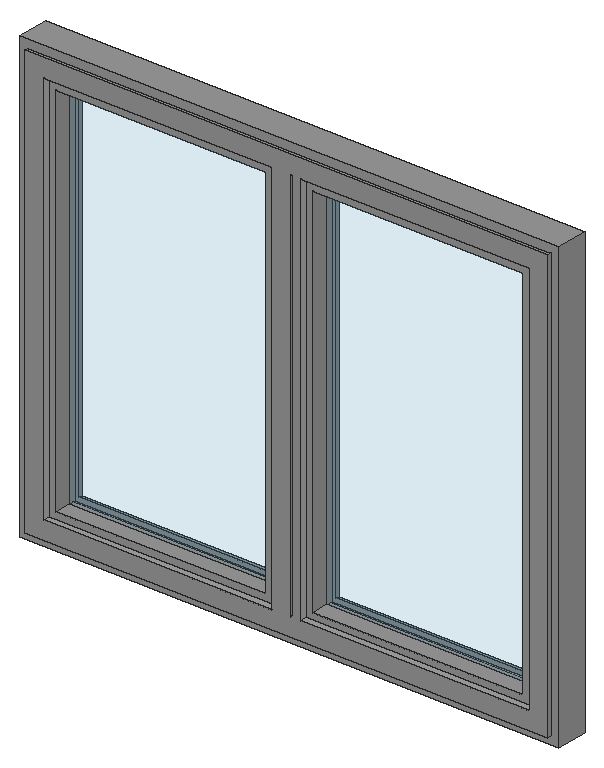
Revit family "Kawneer_Window_GT70s_Pos005", category Windows, host Wall, Revit 2020 (continued)
Definition of nested family "Kawneer_GT70s_Pos005"
  Definition of nested family "Kawneer_GT70s_Jamb"
    Lines and regions (mm)
      model lines, in view "Ref. Level", visible <- "Open", detail levels fine
        curve 1024: line (-29.189, -54.424, 0) -> (-23.945, -49.18, 0)
        curve 1025: line (-23.945, -49.18, 0) -> (-22.946, -48.182, 0)
        curve 1026: line (-22.946, -48.182, 0) -> (-21.544, -46.779, 0)
        curve 1027: line (-21.481, -48.837, 0) -> (-20.223, -47.579, 0)
        curve 1028: line (-25.987, -55.465, 0) -> (-23.8, -53.278, 0)
        curve 1029: line (-22.888, -52.366, 0) -> (-22.22, -51.697, 0)
        curve 1030: line (-20.354, -49.832, 0) -> (-19.564, -49.041, 0)
        curve 1031: line (-24.386, -55.985, 0) -> (-23.8, -55.399, 0)
        curve 1032: line (-17.757, 2.259, 0) -> (-19.499, 4.001, 0)
        curve 1033: line (-18.166, 0.546, 0) -> (-18.736, 1.117, 0)
        curve 1034: line (-20.62, 3.001, 0) -> (-20.955, 3.335, 0)
        curve 1035: line (-20.955, 3.335, 0) -> (-21.52, 3.901, 0)
        curve 1036: line (-21.52, 3.901, 0) -> (-22.336, 3.001, 0)
        curve 1037: line (-22.438, 4.818, 0) -> (-23.526, 5.906, 0)
        curve 1038: line (-19.736, -0.005, 0) -> (-20.595, 0.855, 0)
        curve 1039: line (-20.595, 0.855, 0) -> (-20.883, 1.142, 0)
        curve 1040: line (-19.282, 1.662, 0) -> (-20.427, 2.788, 0)
        curve 1041: line (-20.427, 2.788, 0) -> (-21.514, 1.773, 0)
        curve 1042: line (-21.514, 1.773, 0) -> (-22.35, 2.61, 0)
        curve 1043: line (-21.857, -0.005, 0) -> (-23.75, 1.888, 0)
        curve 1044: line (-21.857, 5.601, 0) -> (-21.048, 6.41, 0)
        curve 1045: line (-23.984, 1.353, 0) -> (-23.452, 1.885, 0)
        curve 1046: line (-23.268, 2.069, 0) -> (-22.655, 2.682, 0)
        curve 1047: line (-23.031, 0.184, 0) -> (-22.396, 0.82, 0)
        curve 1048: line (-20.215, 3.001, 0) -> (-19.215, 4.001, 0)
        curve 1049: line (-21.099, -0.005, 0) -> (-20.229, 0.865, 0)
        curve 1050: line (-20.229, 0.865, 0) -> (-19.226, 1.868, 0)
        curve 1051: line (-18.568, 2.526, 0) -> (-17.829, 3.265, 0)
        curve 1052: line (-18.908, 0.064, 0) -> (-17.843, 1.13, 0)
        curve 1053: line (-31.021, -68, 0) -> (-33.021, -66, 0)
        curve 1054: line (-33.33, -69.934, 0) -> (-33.918, -69.346, 0)
        curve 1055: line (-33.918, -69.346, 0) -> (-34.46, -68.803, 0)
        curve 1056: line (-39.358, -68.149, 0) -> (-40.719, -66.787, 0)
        curve 1057: line (-39.23, -70.398, 0) -> (-41.869, -67.758, 0)
        curve 1058: line (-39.805, -71.944, 0) -> (-40.889, -70.86, 0)
        curve 1059: line (-38.513, -66, 0) -> (-42.126, -69.623, 0)
        curve 1060: line (-42.126, -69.623, 0) -> (-44.205, -67.544, 0)
        curve 1061: line (-44.205, -67.544, 0) -> (-45.407, -68.651, 0)
        curve 1062: line (-46.942, -68.065, 0) -> (-46.234, -67.357, 0)
        curve 1063: line (-43.74, -69.105, 0) -> (-42.349, -67.714, 0)
        curve 1064: line (-41.024, -70.632, 0) -> (-39.347, -68.955, 0)
        curve 1065: line (-40.098, -71.827, 0) -> (-39.187, -70.917, 0)
        curve 1066: line (-34.528, -70.5, 0) -> (-33.191, -69.163, 0)
        curve 1067: line (-32.028, -68, 0) -> (-30.997, -66.969, 0)
        curve 1068: line (-72.098, -65, 0) -> (-76.749, -69.651, 0)
        curve 1069: line (-75.119, -65.9, 0) -> (-77.219, -68, 0)
        curve 1070: line (-78.462, -65, 0) -> (-79.104, -65.642, 0)
        curve 1071: line (-77.902, -65, 0) -> (-73.251, -69.651, 0)
        curve 1072: line (-74.881, -65.9, 0) -> (-72.781, -68, 0)
        curve 1073: line (-71.538, -65, 0) -> (-70.896, -65.642, 0)
        curve 1074: line (-69.902, -35.614, 0) -> (-71.105, -36.903, 0)
        curve 1075: line (-71.202, -34.735, 0) -> (-72.754, -36.398, 0)
        curve 1076: line (-72.175, -33.504, 0) -> (-74.144, -35.614, 0)
        curve 1077: line (-72.874, -31.98, 0) -> (-75.5, -34.793, 0)
        curve 1078: line (-72.789, -32.183, 0) -> (-74.052, -30.97, 0)
        curve 1079: line (-74.052, -30.97, 0) -> (-79.68, -37, 0)
        curve 1080: line (-80.175, -35.257, 0) -> (-81.828, -37.028, 0)
        curve 1081: line (-82.851, -35.851, 0) -> (-83.015, -36.027, 0)
        curve 1082: line (-79.102, -29.562, 0) -> (-81.061, -31.661, 0)
        curve 1083: line (-82.222, -35.714, 0) -> (-80.995, -37.028, 0)
        curve 1084: line (-81.556, -34.155, 0) -> (-80.571, -35.209, 0)
        curve 1085: line (-80.571, -35.209, 0) -> (-79.014, -36.878, 0)
        curve 1086: line (-81.148, -32.319, 0) -> (-79.527, -34.055, 0)
        curve 1087: line (-78.925, -34.701, 0) -> (-77.601, -36.119, 0)
        curve 1088: line (-80.798, -30.421, 0) -> (-76.513, -35.012, 0)
        curve 1089: line (-80.172, -28.819, 0) -> (-79.132, -29.933, 0)
        curve 1090: line (-78.11, -31.028, 0) -> (-73.39, -36.085, 0)
        curve 1091: line (-69.366, -35.851, 0) -> (-69.202, -36.027, 0)
      detail lines, in view "Ref. Level", detail levels coarse+medium
        curve 1092: line (0, -72, 0) -> (0, 0, 0)
        curve 1093: line (0, 0, 0) -> (-18, 0, 0)
        curve 1094: line (-18, 0, 0) -> (-18, 8, 0)
        curve 1095: line (-18, 8, 0) -> (-58.398, 8, 0)
        curve 1096: line (-58.398, 8, 0) -> (-64, 0, 0)
        curve 1097: line (-64, 0, 0) -> (-79, 0, 0)
        curve 1098: line (-79, 0, 0) -> (-79, -37, 0)
        curve 1099: line (-79, -37, 0) -> (-69, -37, 0)
        curve 1100: line (-69, -37, 0) -> (-69, -65, 0)
        curve 1101: line (-69, -65, 0) -> (-79, -65, 0)
        curve 1102: line (-79, -65, 0) -> (-79, -72, 0)
        curve 1103: line (-79, -72, 0) -> (0, -72, 0)
  Definition of nested family "Kawneer_GT70s_Mull5"
    Parameters (values of type "Jamb Open")
      Open [instance] = yes
    Reference planes
      plane 1 "Center (Front/Back)": y = 0
      plane 2: z = 0
      plane 3 "Center (Left/Right)": x = 0
      plane 4: x = -52.5
      plane 5: y = -37
      plane 6: y = -72
      plane 7: y = -65
      plane 8: y = -37
      plane 9: y = -65
      plane 10: x = 52.5
      plane 11: x = -42.5
      plane 12: x = 42.5
    Lines and regions (mm)
      model lines, in view "Ref. Level", detail levels fine
        curve 1: arc (22.248, -39.1, 0) -> (21.348, -38.2, 0) -> (22.248, -37.3, 0) r 0.9
        curve 2: arc (26.848, -39.499, 0) -> (27.748, -40.399, 0) -> (26.848, -41.299, 0) r 0.9
        curve 3: arc (32.5, -63.646, 0) -> (32.646, -63.293, 0) -> (33, -63.146, 0) r 0.5
        curve 4: arc (37.5, -62.646, 0) -> (37.354, -63, 0) -> (37, -63.146, 0) r 0.5
        curve 5: arc (37, -51.646, 0) -> (37.354, -51.793, 0) -> (37.5, -52.146, 0) r 0.5
        curve 6: arc (33, -51.646, 0) -> (32.646, -51.5, 0) -> (32.5, -51.146, 0) r 0.5
        curve 7: arc (37.5, -49.146, 0) -> (37.354, -49.5, 0) -> (37, -49.646, 0) r 0.5
        curve 8: arc (32.5, -50.146, 0) -> (32.646, -49.793, 0) -> (33, -49.646, 0) r 0.5
        curve 9: arc (33, -22.646, 0) -> (32.646, -22.5, 0) -> (32.5, -22.146, 0) r 0.5
        curve 10: arc (37, -22.646, 0) -> (37.354, -22.793, 0) -> (37.5, -23.146, 0) r 0.5
        curve 11: arc (32.5, -18.646, 0) -> (32.646, -18.293, 0) -> (33, -18.146, 0) r 0.5
        curve 12: arc (34.5, -18.146, 0) -> (34.854, -18.293, 0) -> (35, -18.646, 0) r 0.5
        curve 13: arc (35.5, -20.646, 0) -> (35.146, -20.5, 0) -> (35, -20.146, 0) r 0.5
        curve 14: spline (50.391, -35.351, 0) -> (50.586, -35.603, 0) -> (50.798, -35.838, 0) -> (51.027, -36.055, 0) -> (51.27, -36.253, 0) -> (51.526, -36.43, 0) -> (51.795, -36.586, 0) -> (52.074, -36.719, 0) -> (52.361, -36.83, 0) -> (52.656, -36.916, 0) -> (52.956, -36.978, 0) -> (53.259, -37.016, 0) -> (53.564, -37.028, 0)
        curve 15: spline (50.391, -35.351, 0) -> (50.252, -35.2, 0) -> (50.096, -35.069, 0) -> (49.926, -34.96, 0) -> (49.745, -34.876, 0) -> (49.555, -34.816, 0) -> (49.359, -34.784, 0) -> (49.161, -34.778, 0) -> (48.964, -34.799, 0) -> (48.772, -34.847, 0) -> (48.586, -34.921, 0) -> (48.411, -35.02, 0) -> (48.249, -35.142, 0)
        curve 16: spline (43.197, -37.028, 0) -> (43.651, -37.017, 0) -> (44.104, -36.978, 0) -> (44.554, -36.912, 0) -> (45.001, -36.819, 0) -> (45.441, -36.698, 0) -> (45.874, -36.551, 0) -> (46.299, -36.378, 0) -> (46.714, -36.179, 0) -> (47.118, -35.955, 0) -> (47.509, -35.707, 0) -> (47.887, -35.436, 0) -> (48.249, -35.142, 0)
        curve 17: spline (43.009, -35.776, 0) -> (42.882, -35.84, 0) -> (42.773, -35.934, 0) -> (42.686, -36.053, 0) -> (42.628, -36.189, 0) -> (42.602, -36.337, 0) -> (42.608, -36.487, 0) -> (42.646, -36.632, 0) -> (42.714, -36.763, 0) -> (42.81, -36.873, 0) -> (42.926, -36.957, 0) -> (43.057, -37.01, 0) -> (43.197, -37.028, 0)
        curve 18: spline (43.009, -35.776, 0) -> (43.316, -35.653, 0) -> (43.615, -35.509, 0) -> (43.904, -35.344, 0) -> (44.183, -35.159, 0) -> (44.45, -34.956, 0) -> (44.704, -34.733, 0) -> (44.944, -34.494, 0) -> (45.168, -34.238, 0) -> (45.377, -33.967, 0) -> (45.568, -33.682, 0) -> (45.742, -33.384, 0) -> (45.897, -33.074, 0)
        curve 19: spline (45.897, -33.074, 0) -> (45.962, -32.932, 0) -> (46.027, -32.789, 0) -> (46.09, -32.645, 0) -> (46.153, -32.501, 0) -> (46.216, -32.357, 0) -> (46.277, -32.213, 0) -> (46.338, -32.068, 0) -> (46.397, -31.922, 0) -> (46.456, -31.776, 0) -> (46.515, -31.63, 0) -> (46.572, -31.484, 0) -> (46.629, -31.337, 0)
        curve 20: spline (47.236, -30.94, 0) -> (47.173, -30.938, 0) -> (47.109, -30.943, 0) -> (47.047, -30.955, 0) -> (46.986, -30.974, 0) -> (46.927, -30.999, 0) -> (46.871, -31.032, 0) -> (46.819, -31.07, 0) -> (46.771, -31.114, 0) -> (46.727, -31.163, 0) -> (46.689, -31.217, 0) -> (46.656, -31.276, 0) -> (46.629, -31.337, 0)
        curve 21: spline (47.96, -31.008, 0) -> (47.979, -31.009, 0) -> (47.999, -31.009, 0) -> (48.018, -31.007, 0) -> (48.038, -31.004, 0) -> (48.057, -31, 0) -> (48.076, -30.994, 0) -> (48.094, -30.987, 0) -> (48.113, -30.979, 0) -> (48.13, -30.969, 0) -> (48.147, -30.959, 0) -> (48.163, -30.947, 0) -> (48.179, -30.934, 0)
        curve 22: spline (49.111, -30.412, 0) -> (49.089, -30.378, 0) -> (49.063, -30.348, 0) -> (49.033, -30.323, 0) -> (49, -30.303, 0) -> (48.964, -30.289, 0) -> (48.927, -30.28, 0) -> (48.889, -30.278, 0) -> (48.851, -30.282, 0) -> (48.814, -30.292, 0) -> (48.779, -30.308, 0) -> (48.746, -30.33, 0) -> (48.717, -30.356, 0)
        curve 23: spline (49.356, -30.867, 0) -> (49.37, -30.891, 0) -> (49.386, -30.913, 0) -> (49.404, -30.934, 0) -> (49.423, -30.953, 0) -> (49.444, -30.97, 0) -> (49.466, -30.985, 0) -> (49.489, -30.998, 0) -> (49.513, -31.009, 0) -> (49.538, -31.017, 0) -> (49.564, -31.023, 0) -> (49.59, -31.027, 0) -> (49.616, -31.028, 0)
        curve 24: spline (52.394, -31.028, 0) -> (52.436, -31.025, 0) -> (52.476, -31.016, 0) -> (52.515, -31.001, 0) -> (52.552, -30.98, 0) -> (52.585, -30.954, 0) -> (52.615, -30.924, 0) -> (52.641, -30.889, 0) -> (52.662, -30.851, 0) -> (52.678, -30.81, 0) -> (52.689, -30.767, 0) -> (52.694, -30.723, 0) -> (52.693, -30.679, 0)
        curve 25: spline (52.993, -27.975, 0) -> (52.942, -27.935, 0) -> (52.885, -27.908, 0) -> (52.823, -27.894, 0) -> (52.76, -27.895, 0) -> (52.699, -27.909, 0) -> (52.642, -27.937, 0) -> (52.591, -27.977, 0) -> (52.549, -28.027, 0) -> (52.518, -28.085, 0) -> (52.499, -28.149, 0) -> (52.493, -28.216, 0) -> (52.5, -28.283, 0)
        curve 26: spline (53.987, -29.447, 0) -> (53.928, -29.308, 0) -> (53.864, -29.171, 0) -> (53.796, -29.037, 0) -> (53.723, -28.906, 0) -> (53.646, -28.778, 0) -> (53.565, -28.653, 0) -> (53.479, -28.531, 0) -> (53.39, -28.412, 0) -> (53.296, -28.297, 0) -> (53.199, -28.186, 0) -> (53.098, -28.078, 0) -> (52.993, -27.975, 0)
        curve 27: spline (54.618, -32.084, 0) -> (54.59, -31.859, 0) -> (54.557, -31.634, 0) -> (54.519, -31.41, 0) -> (54.478, -31.187, 0) -> (54.431, -30.965, 0) -> (54.381, -30.744, 0) -> (54.326, -30.524, 0) -> (54.267, -30.306, 0) -> (54.203, -30.089, 0) -> (54.135, -29.873, 0) -> (54.063, -29.659, 0) -> (53.987, -29.447, 0)
        curve 28: spline (54.618, -32.084, 0) -> (54.65, -32.334, 0) -> (54.687, -32.583, 0) -> (54.73, -32.831, 0) -> (54.778, -33.078, 0) -> (54.831, -33.323, 0) -> (54.89, -33.568, 0) -> (54.954, -33.81, 0) -> (55.024, -34.051, 0) -> (55.099, -34.29, 0) -> (55.179, -34.527, 0) -> (55.264, -34.762, 0) -> (55.355, -34.995, 0)
        curve 29: spline (54.915, -35.586, 0) -> (54.986, -35.593, 0) -> (55.058, -35.586, 0) -> (55.127, -35.566, 0) -> (55.192, -35.532, 0) -> (55.25, -35.487, 0) -> (55.3, -35.431, 0) -> (55.339, -35.367, 0) -> (55.368, -35.296, 0) -> (55.384, -35.221, 0) -> (55.387, -35.144, 0) -> (55.377, -35.068, 0) -> (55.355, -34.995, 0)
        curve 30: spline (52.768, -33.411, 0) -> (52.853, -33.668, 0) -> (52.958, -33.917, 0) -> (53.083, -34.156, 0) -> (53.226, -34.382, 0) -> (53.387, -34.594, 0) -> (53.564, -34.791, 0) -> (53.755, -34.971, 0) -> (53.961, -35.133, 0) -> (54.178, -35.276, 0) -> (54.406, -35.399, 0) -> (54.643, -35.5, 0) -> (54.887, -35.579, 0)
        curve 31: spline (52.768, -33.411, 0) -> (52.692, -33.241, 0) -> (52.574, -33.101, 0) -> (52.423, -33.005, 0) -> (52.252, -32.96, 0) -> (52.076, -32.969, 0) -> (51.911, -33.033, 0) -> (51.77, -33.145, 0) -> (51.665, -33.297, 0) -> (51.606, -33.474, 0) -> (51.597, -33.662, 0) -> (51.64, -33.845, 0) -> (51.73, -34.007, 0)
        curve 32: spline (51.73, -34.007, 0) -> (51.807, -34.114, 0) -> (51.89, -34.217, 0) -> (51.977, -34.315, 0) -> (52.068, -34.409, 0) -> (52.164, -34.498, 0) -> (52.263, -34.581, 0) -> (52.366, -34.66, 0) -> (52.473, -34.733, 0) -> (52.583, -34.8, 0) -> (52.696, -34.861, 0) -> (52.811, -34.917, 0) -> (52.929, -34.966, 0)
        curve 33: spline (52.929, -34.966, 0) -> (53.179, -35.072, 0) -> (53.432, -35.17, 0) -> (53.687, -35.261, 0) -> (53.944, -35.345, 0) -> (54.203, -35.421, 0) -> (54.464, -35.49, 0) -> (54.726, -35.552, 0) -> (54.99, -35.605, 0) -> (55.255, -35.651, 0) -> (55.522, -35.69, 0) -> (55.789, -35.721, 0) -> (56.057, -35.744, 0)
        curve 34: spline (56.017, -37.028, 0) -> (56.169, -37.007, 0) -> (56.311, -36.945, 0) -> (56.434, -36.847, 0) -> (56.529, -36.719, 0) -> (56.592, -36.569, 0) -> (56.616, -36.407, 0) -> (56.602, -36.243, 0) -> (56.549, -36.089, 0) -> (56.462, -35.954, 0) -> (56.345, -35.847, 0) -> (56.207, -35.776, 0) -> (56.057, -35.744, 0)
        curve 35: arc (-32.5, -63.157, 0) -> (-32.646, -62.804, 0) -> (-33, -62.657, 0) r 0.5
        curve 36: arc (-37.5, -62.157, 0) -> (-37.354, -62.511, 0) -> (-37, -62.657, 0) r 0.5
        curve 37: arc (-37, -51.157, 0) -> (-37.354, -51.304, 0) -> (-37.5, -51.657, 0) r 0.5
        curve 38: arc (-33, -51.157, 0) -> (-32.646, -51.011, 0) -> (-32.5, -50.657, 0) r 0.5
        curve 39: arc (-37.5, -48.657, 0) -> (-37.354, -49.011, 0) -> (-37, -49.157, 0) r 0.5
        curve 40: arc (-32.5, -49.657, 0) -> (-32.646, -49.304, 0) -> (-33, -49.157, 0) r 0.5
        curve 41: arc (-33, -22.157, 0) -> (-32.646, -22.011, 0) -> (-32.5, -21.657, 0) r 0.5
        curve 42: arc (-37, -22.157, 0) -> (-37.354, -22.304, 0) -> (-37.5, -22.657, 0) r 0.5
        curve 43: arc (-32.5, -18.157, 0) -> (-32.646, -17.804, 0) -> (-33, -17.657, 0) r 0.5
        curve 44: arc (-34.5, -17.657, 0) -> (-34.854, -17.804, 0) -> (-35, -18.157, 0) r 0.5
        curve 45: arc (-35.5, -20.157, 0) -> (-35.146, -20.011, 0) -> (-35, -19.657, 0) r 0.5
        curve 46: spline (-50.391, -35.351, 0) -> (-50.586, -35.603, 0) -> (-50.798, -35.838, 0) -> (-51.027, -36.055, 0) -> (-51.27, -36.253, 0) -> (-51.526, -36.43, 0) -> (-51.795, -36.586, 0) -> (-52.074, -36.719, 0) -> (-52.361, -36.83, 0) -> (-52.656, -36.916, 0) -> (-52.956, -36.978, 0) -> (-53.259, -37.016, 0) -> (-53.564, -37.028, 0)
        curve 47: spline (-50.391, -35.351, 0) -> (-50.252, -35.2, 0) -> (-50.096, -35.069, 0) -> (-49.926, -34.96, 0) -> (-49.745, -34.876, 0) -> (-49.555, -34.816, 0) -> (-49.359, -34.784, 0) -> (-49.161, -34.778, 0) -> (-48.964, -34.799, 0) -> (-48.772, -34.847, 0) -> (-48.586, -34.921, 0) -> (-48.411, -35.02, 0) -> (-48.249, -35.142, 0)
        curve 48: spline (-43.197, -37.028, 0) -> (-43.651, -37.017, 0) -> (-44.104, -36.978, 0) -> (-44.554, -36.912, 0) -> (-45.001, -36.819, 0) -> (-45.441, -36.698, 0) -> (-45.874, -36.551, 0) -> (-46.299, -36.378, 0) -> (-46.714, -36.179, 0) -> (-47.118, -35.955, 0) -> (-47.509, -35.707, 0) -> (-47.887, -35.436, 0) -> (-48.249, -35.142, 0)
        curve 49: spline (-43.009, -35.776, 0) -> (-42.882, -35.84, 0) -> (-42.773, -35.934, 0) -> (-42.686, -36.053, 0) -> (-42.628, -36.189, 0) -> (-42.602, -36.337, 0) -> (-42.608, -36.487, 0) -> (-42.646, -36.632, 0) -> (-42.714, -36.763, 0) -> (-42.81, -36.873, 0) -> (-42.926, -36.957, 0) -> (-43.057, -37.01, 0) -> (-43.197, -37.028, 0)
        curve 50: spline (-43.009, -35.776, 0) -> (-43.316, -35.653, 0) -> (-43.615, -35.509, 0) -> (-43.904, -35.344, 0) -> (-44.183, -35.159, 0) -> (-44.45, -34.956, 0) -> (-44.704, -34.733, 0) -> (-44.944, -34.494, 0) -> (-45.168, -34.238, 0) -> (-45.377, -33.967, 0) -> (-45.568, -33.682, 0) -> (-45.742, -33.384, 0) -> (-45.897, -33.074, 0)
        curve 51: spline (-45.897, -33.074, 0) -> (-45.962, -32.932, 0) -> (-46.027, -32.789, 0) -> (-46.09, -32.645, 0) -> (-46.153, -32.501, 0) -> (-46.216, -32.357, 0) -> (-46.277, -32.213, 0) -> (-46.338, -32.068, 0) -> (-46.397, -31.922, 0) -> (-46.456, -31.776, 0) -> (-46.515, -31.63, 0) -> (-46.572, -31.484, 0) -> (-46.629, -31.337, 0)
        curve 52: spline (-47.236, -30.94, 0) -> (-47.173, -30.938, 0) -> (-47.109, -30.943, 0) -> (-47.047, -30.955, 0) -> (-46.986, -30.974, 0) -> (-46.927, -30.999, 0) -> (-46.871, -31.032, 0) -> (-46.819, -31.07, 0) -> (-46.771, -31.114, 0) -> (-46.727, -31.163, 0) -> (-46.689, -31.217, 0) -> (-46.656, -31.276, 0) -> (-46.629, -31.337, 0)
        curve 53: spline (-47.96, -31.008, 0) -> (-47.979, -31.009, 0) -> (-47.999, -31.009, 0) -> (-48.018, -31.007, 0) -> (-48.038, -31.004, 0) -> (-48.057, -31, 0) -> (-48.076, -30.994, 0) -> (-48.094, -30.987, 0) -> (-48.113, -30.979, 0) -> (-48.13, -30.969, 0) -> (-48.147, -30.959, 0) -> (-48.163, -30.947, 0) -> (-48.179, -30.934, 0)
        curve 54: spline (-49.111, -30.412, 0) -> (-49.089, -30.378, 0) -> (-49.063, -30.348, 0) -> (-49.033, -30.323, 0) -> (-49, -30.303, 0) -> (-48.964, -30.289, 0) -> (-48.927, -30.28, 0) -> (-48.889, -30.278, 0) -> (-48.851, -30.282, 0) -> (-48.814, -30.292, 0) -> (-48.779, -30.308, 0) -> (-48.746, -30.33, 0) -> (-48.717, -30.356, 0)
        curve 55: spline (-49.356, -30.867, 0) -> (-49.37, -30.891, 0) -> (-49.386, -30.913, 0) -> (-49.404, -30.934, 0) -> (-49.423, -30.953, 0) -> (-49.444, -30.97, 0) -> (-49.466, -30.985, 0) -> (-49.489, -30.998, 0) -> (-49.513, -31.009, 0) -> (-49.538, -31.017, 0) -> (-49.564, -31.023, 0) -> (-49.59, -31.027, 0) -> (-49.616, -31.028, 0)
        curve 56: spline (-52.394, -31.028, 0) -> (-52.436, -31.025, 0) -> (-52.476, -31.016, 0) -> (-52.515, -31.001, 0) -> (-52.552, -30.98, 0) -> (-52.585, -30.954, 0) -> (-52.615, -30.924, 0) -> (-52.641, -30.889, 0) -> (-52.662, -30.851, 0) -> (-52.678, -30.81, 0) -> (-52.689, -30.767, 0) -> (-52.694, -30.723, 0) -> (-52.693, -30.679, 0)
        curve 57: spline (-52.993, -27.975, 0) -> (-52.942, -27.935, 0) -> (-52.885, -27.908, 0) -> (-52.823, -27.894, 0) -> (-52.76, -27.895, 0) -> (-52.699, -27.909, 0) -> (-52.642, -27.937, 0) -> (-52.591, -27.977, 0) -> (-52.549, -28.027, 0) -> (-52.518, -28.085, 0) -> (-52.499, -28.149, 0) -> (-52.493, -28.216, 0) -> (-52.5, -28.283, 0)
        curve 58: spline (-53.987, -29.447, 0) -> (-53.928, -29.308, 0) -> (-53.864, -29.171, 0) -> (-53.796, -29.037, 0) -> (-53.723, -28.906, 0) -> (-53.646, -28.778, 0) -> (-53.565, -28.653, 0) -> (-53.479, -28.531, 0) -> (-53.39, -28.412, 0) -> (-53.296, -28.297, 0) -> (-53.199, -28.186, 0) -> (-53.098, -28.078, 0) -> (-52.993, -27.975, 0)
        curve 59: spline (-54.618, -32.084, 0) -> (-54.59, -31.859, 0) -> (-54.557, -31.634, 0) -> (-54.519, -31.41, 0) -> (-54.478, -31.187, 0) -> (-54.431, -30.965, 0) -> (-54.381, -30.744, 0) -> (-54.326, -30.524, 0) -> (-54.267, -30.306, 0) -> (-54.203, -30.089, 0) -> (-54.135, -29.873, 0) -> (-54.063, -29.659, 0) -> (-53.987, -29.447, 0)
        curve 60: spline (-54.618, -32.084, 0) -> (-54.65, -32.334, 0) -> (-54.687, -32.583, 0) -> (-54.73, -32.831, 0) -> (-54.778, -33.078, 0) -> (-54.831, -33.323, 0) -> (-54.89, -33.568, 0) -> (-54.954, -33.81, 0) -> (-55.024, -34.051, 0) -> (-55.099, -34.29, 0) -> (-55.179, -34.527, 0) -> (-55.264, -34.762, 0) -> (-55.355, -34.995, 0)
        curve 61: spline (-54.915, -35.586, 0) -> (-54.986, -35.593, 0) -> (-55.058, -35.586, 0) -> (-55.127, -35.566, 0) -> (-55.192, -35.532, 0) -> (-55.25, -35.487, 0) -> (-55.3, -35.431, 0) -> (-55.339, -35.367, 0) -> (-55.368, -35.296, 0) -> (-55.384, -35.221, 0) -> (-55.387, -35.144, 0) -> (-55.377, -35.068, 0) -> (-55.355, -34.995, 0)
        curve 62: spline (-52.768, -33.411, 0) -> (-52.853, -33.668, 0) -> (-52.958, -33.917, 0) -> (-53.083, -34.156, 0) -> (-53.226, -34.382, 0) -> (-53.387, -34.594, 0) -> (-53.564, -34.791, 0) -> (-53.755, -34.971, 0) -> (-53.961, -35.133, 0) -> (-54.178, -35.276, 0) -> (-54.406, -35.399, 0) -> (-54.643, -35.5, 0) -> (-54.887, -35.579, 0)
        curve 63: spline (-52.768, -33.411, 0) -> (-52.692, -33.241, 0) -> (-52.574, -33.101, 0) -> (-52.423, -33.005, 0) -> (-52.252, -32.96, 0) -> (-52.076, -32.969, 0) -> (-51.911, -33.033, 0) -> (-51.77, -33.145, 0) -> (-51.665, -33.297, 0) -> (-51.606, -33.474, 0) -> (-51.597, -33.662, 0) -> (-51.64, -33.845, 0) -> (-51.73, -34.007, 0)
        curve 64: spline (-51.73, -34.007, 0) -> (-51.807, -34.114, 0) -> (-51.89, -34.217, 0) -> (-51.977, -34.315, 0) -> (-52.068, -34.409, 0) -> (-52.164, -34.498, 0) -> (-52.263, -34.581, 0) -> (-52.366, -34.66, 0) -> (-52.473, -34.733, 0) -> (-52.583, -34.8, 0) -> (-52.696, -34.861, 0) -> (-52.811, -34.917, 0) -> (-52.929, -34.966, 0)
        curve 65: spline (-52.929, -34.966, 0) -> (-53.179, -35.072, 0) -> (-53.432, -35.17, 0) -> (-53.687, -35.261, 0) -> (-53.944, -35.345, 0) -> (-54.203, -35.421, 0) -> (-54.464, -35.49, 0) -> (-54.726, -35.552, 0) -> (-54.99, -35.605, 0) -> (-55.255, -35.651, 0) -> (-55.522, -35.69, 0) -> (-55.789, -35.721, 0) -> (-56.057, -35.744, 0)
        curve 66: spline (-56.017, -37.028, 0) -> (-56.169, -37.007, 0) -> (-56.311, -36.945, 0) -> (-56.434, -36.847, 0) -> (-56.529, -36.719, 0) -> (-56.592, -36.569, 0) -> (-56.616, -36.407, 0) -> (-56.602, -36.243, 0) -> (-56.549, -36.089, 0) -> (-56.462, -35.954, 0) -> (-56.345, -35.847, 0) -> (-56.207, -35.776, 0) -> (-56.057, -35.744, 0)
        curve 67: arc (30.854, -70.354, 0) -> (30.691, -70.462, 0) -> (30.5, -70.5, 0) r 0.5
        curve 68: arc (28, -70.5, 0) -> (27.646, -70.354, 0) -> (27.5, -70, 0) r 0.5
        curve 69: arc (25.5, -65.8, 0) -> (26.914, -66.386, 0) -> (27.5, -67.8, 0) r 2
        curve 70: arc (20.8, -65.8, 0) -> (20.659, -65.741, 0) -> (20.6, -65.6, 0) r 0.2
        curve 71: arc (20.6, -58.6, 0) -> (20.659, -58.459, 0) -> (20.8, -58.4, 0) r 0.2
        curve 72: arc (30.8, -58.4, 0) -> (30.941, -58.459, 0) -> (31, -58.6, 0) r 0.2
        curve 73: arc (31, -70, 0) -> (30.962, -70.191, 0) -> (30.854, -70.354, 0) r 0.5
        curve 74: arc (52.5, -71.5, 0) -> (52.354, -71.854, 0) -> (52, -72, 0) r 0.5
        curve 75: arc (52, -68, 0) -> (52.354, -68.146, 0) -> (52.5, -68.5, 0) r 0.5
        curve 76: arc (50, -68.5, 0) -> (50.146, -68.146, 0) -> (50.5, -68, 0) r 0.5
        curve 77: arc (50.2, -69, 0) -> (50.059, -68.941, 0) -> (50, -68.8, 0) r 0.2
        curve 78: arc (50.8, -69, 0) -> (51.154, -69.146, 0) -> (51.3, -69.5, 0) r 0.5
        curve 79: arc (51.3, -70.1, 0) -> (51.154, -70.454, 0) -> (50.8, -70.6, 0) r 0.5
        curve 80: arc (46.2, -70.6, 0) -> (45.846, -70.454, 0) -> (45.7, -70.1, 0) r 0.5
        curve 81: arc (45.7, -69.5, 0) -> (45.846, -69.146, 0) -> (46.2, -69, 0) r 0.5
        curve 82: arc (47, -68.8, 0) -> (46.941, -68.941, 0) -> (46.8, -69, 0) r 0.2
        curve 83: arc (46.5, -68, 0) -> (46.854, -68.146, 0) -> (47, -68.5, 0) r 0.5
        curve 84: arc (43.4, -68.8, 0) -> (43, -68.4, 0) -> (43.4, -68, 0) r 0.4
        curve 85: arc (44.3, -68.8, 0) -> (44.441, -68.859, 0) -> (44.5, -69, 0) r 0.2
        curve 86: arc (44.5, -69.9, 0) -> (44.354, -70.254, 0) -> (44, -70.4, 0) r 0.5
        curve 87: arc (32.989, -70.211, 0) -> (32.643, -70.061, 0) -> (32.5, -69.711, 0) r 0.5
        curve 88: arc (32.05, -53.673, 0) -> (32.35, -53.673, 0) -> (32.5, -53.933, 0) r 0.3
        curve 89: arc (30.473, -55.042, 0) -> (30.212, -54.934, 0) -> (30.32, -54.672, 0) r 0.2
        curve 90: arc (31.087, -56.523, 0) -> (31.068, -56.711, 0) -> (30.902, -56.8, 0) r 0.2
        curve 91: arc (27.3, -56.8, 0) -> (27.159, -56.741, 0) -> (27.1, -56.6, 0) r 0.2
        curve 92: arc (27.916, -54.3, 0) -> (28.116, -54.515, 0) -> (27.886, -54.698, 0) r 0.2
        curve 93: arc (25.372, -55.225, 0) -> (26.361, -54.541, 0) -> (27.539, -54.3, 0) r 3
        curve 94: arc (25.372, -55.225, 0) -> (24.65, -55.533, 0) -> (23.928, -55.225, 0) r 1
        curve 95: arc (21.761, -54.3, 0) -> (22.939, -54.541, 0) -> (23.928, -55.225, 0) r 3
        curve 96: arc (21.417, -54.697, 0) -> (21.185, -54.517, 0) -> (21.384, -54.3, 0) r 0.2
        curve 97: arc (22.2, -56.6, 0) -> (22.141, -56.741, 0) -> (22, -56.8, 0) r 0.2
        curve 98: arc (18.398, -56.8, 0) -> (18.232, -56.711, 0) -> (18.213, -56.523, 0) r 0.2
        curve 99: arc (18.98, -54.672, 0) -> (19.088, -54.934, 0) -> (18.827, -55.042, 0) r 0.2
        curve 100: arc (16.8, -53.933, 0) -> (16.95, -53.673, 0) -> (17.25, -53.673, 0) r 0.3
        curve 101: arc (16.8, -57.228, 0) -> (16.752, -57.359, 0) -> (16.63, -57.426, 0) r 0.2
        curve 102: arc (15.6, -57.785, 0) -> (15.646, -57.657, 0) -> (15.763, -57.588, 0) r 0.2
        curve 103: arc (15.8, -58.6, 0) -> (15.659, -58.541, 0) -> (15.6, -58.4, 0) r 0.2
        curve 104: arc (18.6, -58.6, 0) -> (18.954, -58.746, 0) -> (19.1, -59.1, 0) r 0.5
        curve 105: arc (19.1, -65.3, 0) -> (18.954, -65.654, 0) -> (18.6, -65.8, 0) r 0.5
        curve 106: arc (16.7, -66.3, 0) -> (16.846, -65.946, 0) -> (17.2, -65.8, 0) r 0.5
        curve 107: arc (17.2, -67.3, 0) -> (16.846, -67.154, 0) -> (16.7, -66.8, 0) r 0.5
        curve 108: arc (25.5, -67.3, 0) -> (25.854, -67.446, 0) -> (26, -67.8, 0) r 0.5
        curve 109: arc (26, -70, 0) -> (25.854, -70.354, 0) -> (25.5, -70.5, 0) r 0.5
        curve 110: arc (24.5, -71, 0) -> (24.646, -70.646, 0) -> (25, -70.5, 0) r 0.5
        curve 111: arc (25, -72, 0) -> (24.646, -71.854, 0) -> (24.5, -71.5, 0) r 0.5
        curve 112: arc (15.5, -20, 0) -> (15.359, -19.941, 0) -> (15.3, -19.8, 0) r 0.2
        curve 113: arc (17.1, -20, 0) -> (17.2, -20.027, 0) -> (17.273, -20.1, 0) r 0.2
        curve 114: arc (17.446, -20.2, 0) -> (17.346, -20.173, 0) -> (17.273, -20.1, 0) r 0.2
        curve 115: arc (29.2, -20.1, 0) -> (29.127, -20.173, 0) -> (29.027, -20.2, 0) r 0.2
        curve 116: arc (29.2, -20.1, 0) -> (29.273, -20.027, 0) -> (29.373, -20, 0) r 0.2
        curve 117: arc (30.7, -19.8, 0) -> (30.641, -19.941, 0) -> (30.5, -20, 0) r 0.2
        curve 118: arc (30.7, -18.7, 0) -> (30.742, -18.578, 0) -> (30.85, -18.506, 0) r 0.2
        curve 119: arc (31, -18.313, 0) -> (30.958, -18.435, 0) -> (30.85, -18.506, 0) r 0.2
        curve 120: arc (30.85, -3.694, 0) -> (30.958, -3.765, 0) -> (31, -3.887, 0) r 0.2
        curve 121: arc (30.85, -3.694, 0) -> (30.742, -3.622, 0) -> (30.7, -3.5, 0) r 0.2
        curve 122: arc (30.7, -2.405, 0) -> (30.742, -2.283, 0) -> (30.85, -2.212, 0) r 0.2
        curve 123: arc (30.998, -2.044, 0) -> (30.95, -2.15, 0) -> (30.85, -2.212, 0) r 0.2
        curve 124: arc (30.998, -2.044, 0) -> (31.661, -0.798, 0) -> (32.982, -0.3, 0) r 2
        curve 125: arc (35.328, 0.487, 0) -> (35.362, -0.031, 0) -> (34.918, -0.3, 0) r 0.5
        curve 126: arc (30.857, 6.5, 0) -> (31.088, 6.444, 0) -> (31.267, 6.287, 0) r 0.5
        curve 127: arc (30.857, 8, 0) -> (31.781, 7.774, 0) -> (32.496, 7.147, 0) r 2
        curve 128: arc (37.41, 0.129, 0) -> (37.477, -0.007, 0) -> (37.5, -0.158, 0) r 0.5
        curve 129: arc (37.5, -2.342, 0) -> (37.155, -3.464, 0) -> (36.239, -4.2, 0) r 2
        curve 130: arc (36.278, -4.184, 0) -> (36.089, -4.167, 0) -> (36, -4, 0) r 0.2
        curve 131: arc (35.5, -1.8, 0) -> (35.854, -1.946, 0) -> (36, -2.3, 0) r 0.5
        curve 132: arc (32.5, -2.3, 0) -> (32.646, -1.946, 0) -> (33, -1.8, 0) r 0.5
        curve 133: arc (33, -16.3, 0) -> (32.646, -16.154, 0) -> (32.5, -15.8, 0) r 0.5
        curve 134: arc (36, -15.8, 0) -> (35.854, -16.154, 0) -> (35.5, -16.3, 0) r 0.5
        curve 135: arc (36, -14.4, 0) -> (36.094, -14.23, 0) -> (36.288, -14.22, 0) r 0.2
        curve 136: arc (36.288, -14.22, 0) -> (37.026, -14.884, 0) -> (37.3, -15.839, 0) r 1.8
        curve 137: arc (37.3, -17, 0) -> (37.007, -17.707, 0) -> (36.3, -18, 0) r 1
        curve 138: arc (32.5, -18.7, 0) -> (32.705, -18.205, 0) -> (33.2, -18, 0) r 0.7
        curve 139: arc (32.5, -24.667, 0) -> (32.35, -24.927, 0) -> (32.05, -24.927, 0) r 0.3
        curve 140: arc (30.32, -23.928, 0) -> (30.212, -23.666, 0) -> (30.473, -23.558, 0) r 0.2
        curve 141: arc (30.902, -21.8, 0) -> (31.068, -21.889, 0) -> (31.087, -22.077, 0) r 0.2
        curve 142: arc (27.1, -22, 0) -> (27.159, -21.859, 0) -> (27.3, -21.8, 0) r 0.2
        curve 143: arc (27.886, -23.902, 0) -> (28.116, -24.085, 0) -> (27.916, -24.3, 0) r 0.2
        curve 144: arc (27.539, -24.3, 0) -> (26.361, -24.059, 0) -> (25.372, -23.375, 0) r 3
        curve 145: arc (23.928, -23.375, 0) -> (24.65, -23.067, 0) -> (25.372, -23.375, 0) r 1
        curve 146: arc (23.928, -23.375, 0) -> (22.939, -24.059, 0) -> (21.761, -24.3, 0) r 3
        curve 147: arc (21.384, -24.3, 0) -> (21.184, -24.085, 0) -> (21.414, -23.902, 0) r 0.2
        curve 148: arc (22, -21.8, 0) -> (22.141, -21.859, 0) -> (22.2, -22, 0) r 0.2
        curve 149: arc (18.213, -22.077, 0) -> (18.232, -21.889, 0) -> (18.398, -21.8, 0) r 0.2
        curve 150: arc (18.827, -23.558, 0) -> (19.088, -23.666, 0) -> (18.98, -23.928, 0) r 0.2
        curve 151: arc (17.25, -24.927, 0) -> (16.95, -24.927, 0) -> (16.8, -24.667, 0) r 0.3
        curve 152: arc (16.3, -21.8, 0) -> (16.654, -21.946, 0) -> (16.8, -22.3, 0) r 0.5
        curve 153: arc (15.327, -21.9, 0) -> (15.4, -21.827, 0) -> (15.5, -21.8, 0) r 0.2
        curve 154: arc (15.327, -21.9, 0) -> (15.254, -21.973, 0) -> (15.154, -22, 0) r 0.2
        curve 155: arc (9.5, -22, 0) -> (9.146, -21.854, 0) -> (9, -21.5, 0) r 0.5
        curve 156: arc (9, -18, 0) -> (9.146, -17.646, 0) -> (9.5, -17.5, 0) r 0.5
        curve 157: arc (10, -17.5, 0) -> (10.354, -17.646, 0) -> (10.5, -18, 0) r 0.5
        curve 158: arc (11, -20, 0) -> (10.646, -19.854, 0) -> (10.5, -19.5, 0) r 0.5
        curve 159: arc (12.707, -20, 0) -> (12.985, -20.039, 0) -> (13.24, -20.154, 0) r 1
        curve 160: arc (13.654, -19.74, 0) -> (13.612, -20.112, 0) -> (13.24, -20.154, 0) r 0.3
        curve 161: arc (13.654, -19.74, 0) -> (13.539, -19.485, 0) -> (13.5, -19.207, 0) r 1
        curve 162: arc (13.5, -0.793, 0) -> (13.539, -0.515, 0) -> (13.654, -0.26, 0) r 1
        curve 163: arc (13.24, 0.154, 0) -> (13.612, 0.112, 0) -> (13.654, -0.26, 0) r 0.3
        curve 164: arc (13.24, 0.154, 0) -> (12.985, 0.039, 0) -> (12.707, 0, 0) r 1
        curve 165: arc (10.5, -0.5, 0) -> (10.646, -0.146, 0) -> (11, 0, 0) r 0.5
        curve 166: arc (10.5, -2, 0) -> (10.354, -2.354, 0) -> (10, -2.5, 0) r 0.5
        curve 167: arc (9.5, -2.5, 0) -> (9.146, -2.354, 0) -> (9, -2, 0) r 0.5
        curve 168: arc (9, 1.5, 0) -> (9.146, 1.854, 0) -> (9.5, 2, 0) r 0.5
        curve 169: arc (13.5, 2.5, 0) -> (13.354, 2.146, 0) -> (13, 2, 0) r 0.5
        curve 170: arc (12, 6.2, 0) -> (13.061, 5.761, 0) -> (13.5, 4.7, 0) r 1.5
        curve 171: arc (-1.4, 5.7, 0) -> (-1.254, 6.054, 0) -> (-0.9, 6.2, 0) r 0.5
        curve 172: arc (-1.4, 4.5, 0) -> (-1.546, 4.146, 0) -> (-1.9, 4, 0) r 0.5
        curve 173: arc (-2.7, 4, 0) -> (-3.054, 4.146, 0) -> (-3.2, 4.5, 0) r 0.5
        curve 174: arc (-3.2, 4.8, 0) -> (-3.141, 4.941, 0) -> (-3, 5, 0) r 0.2
        curve 175: arc (-2.2, 5.5, 0) -> (-2.346, 5.146, 0) -> (-2.7, 5, 0) r 0.5
        curve 176: arc (-2.7, 6.6, 0) -> (-2.346, 6.454, 0) -> (-2.2, 6.1, 0) r 0.5
        curve 177: arc (-7.3, 6.1, 0) -> (-7.154, 6.454, 0) -> (-6.8, 6.6, 0) r 0.5
        curve 178: arc (-6.8, 5, 0) -> (-7.154, 5.146, 0) -> (-7.3, 5.5, 0) r 0.5
        curve 179: arc (-6.3, 5, 0) -> (-6.159, 4.941, 0) -> (-6.1, 4.8, 0) r 0.2
        curve 180: arc (-6.1, 4.5, 0) -> (-6.246, 4.146, 0) -> (-6.6, 4, 0) r 0.5
        curve 181: arc (-8, 4, 0) -> (-8.354, 4.146, 0) -> (-8.5, 4.5, 0) r 0.5
        curve 182: arc (-8.5, 6, 0) -> (-7.914, 7.414, 0) -> (-6.5, 8, 0) r 2
        curve 183: arc (30.55, -38.8, 0) -> (30.904, -38.946, 0) -> (31.05, -39.3, 0) r 0.5
        curve 184: arc (31.05, -39.3, 0) -> (30.988, -43.91, 0) -> (30.803, -48.516, 0) r 172.47
        curve 185: arc (30.803, -48.516, 0) -> (30.598, -49.458, 0) -> (30.105, -50.286, 0) r 3.002
        curve 186: arc (28.019, -53.863, 0) -> (28.2, -52.838, 0) -> (28.72, -51.936, 0) r 2.996
        curve 187: arc (28.019, -54.329, 0) -> (28.002, -54.456, 0) -> (27.952, -54.574, 0) r 0.5
        curve 188: arc (27.3, -56.8, 0) -> (27.159, -56.741, 0) -> (27.1, -56.6, 0) r 0.2
        curve 189: arc (28.58, -56.35, 0) -> (28.58, -56.65, 0) -> (28.321, -56.8, 0) r 0.3
        curve 190: arc (28.58, -56.35, 0) -> (29.1, -55.45, 0) -> (29.62, -56.35, 0) r 0.6
        curve 191: arc (29.879, -56.8, 0) -> (29.62, -56.65, 0) -> (29.62, -56.35, 0) r 0.3
        curve 192: arc (30.9, -56.6, 0) -> (30.841, -56.741, 0) -> (30.7, -56.8, 0) r 0.2
        curve 193: arc (30.397, -54.429, 0) -> (30.614, -53.72, 0) -> (31.145, -53.201, 0) r 1.5
        curve 194: arc (32.45, -51.87, 0) -> (32.316, -52.37, 0) -> (31.95, -52.736, 0) r 1
        curve 195: arc (31.95, -25.864, 0) -> (32.316, -26.23, 0) -> (32.45, -26.73, 0) r 1
        curve 196: arc (31.145, -25.399, 0) -> (30.614, -24.88, 0) -> (30.397, -24.171, 0) r 1.5
        curve 197: arc (30.7, -21.8, 0) -> (30.841, -21.859, 0) -> (30.9, -22, 0) r 0.2
        curve 198: arc (29.62, -22.25, 0) -> (29.62, -21.95, 0) -> (29.879, -21.8, 0) r 0.3
        curve 199: arc (29.62, -22.25, 0) -> (29.1, -23.15, 0) -> (28.58, -22.25, 0) r 0.6
        curve 200: arc (28.321, -21.8, 0) -> (28.58, -21.95, 0) -> (28.58, -22.25, 0) r 0.3
        curve 201: arc (27.1, -22, 0) -> (27.159, -21.859, 0) -> (27.3, -21.8, 0) r 0.2
        curve 202: arc (27.952, -24.026, 0) -> (28.002, -24.144, 0) -> (28.019, -24.271, 0) r 0.5
        curve 203: arc (28.721, -26.665, 0) -> (28.172, -25.773, 0) -> (28.019, -24.737, 0) r 2.599
        curve 204: arc (30.105, -28.315, 0) -> (30.595, -29.143, 0) -> (30.803, -30.083, 0) r 3.049
        curve 205: arc (30.803, -30.083, 0) -> (30.955, -33.587, 0) -> (31.036, -37.094, 0) r 172.05
        curve 206: arc (31.036, -37.094, 0) -> (30.892, -37.451, 0) -> (30.536, -37.6, 0) r 0.5
        curve 207: arc (21.65, -38.2, 0) -> (21.826, -37.776, 0) -> (22.25, -37.6, 0) r 0.6
        curve 208: arc (22.25, -38.8, 0) -> (21.826, -38.624, 0) -> (21.65, -38.2, 0) r 0.6
        curve 209: arc (16.207, -37.123, 0) -> (16.019, -37.18, 0) -> (15.824, -37.199, 0) r 1
        curve 210: arc (11.848, -37.199, 0) -> (11.141, -36.906, 0) -> (10.848, -36.199, 0) r 1
        curve 211: arc (10.848, -29.799, 0) -> (11.288, -28.738, 0) -> (12.348, -28.299, 0) r 1.5
        curve 212: arc (16.048, -28.299, 0) -> (17.109, -28.738, 0) -> (17.548, -29.799, 0) r 1.5
        curve 213: arc (17.548, -35.475, 0) -> (17.472, -35.857, 0) -> (17.255, -36.182, 0) r 1
        curve 214: arc (16.531, -36.906, 0) -> (16.379, -37.03, 0) -> (16.207, -37.123, 0) r 1
        curve 215: arc (10.848, -38.899, 0) -> (11.141, -38.192, 0) -> (11.848, -37.899, 0) r 1
        curve 216: arc (15.418, -37.899, 0) -> (15.872, -38.008, 0) -> (16.228, -38.311, 0) r 1
        curve 217: arc (17.357, -39.866, 0) -> (17.499, -40.145, 0) -> (17.548, -40.454, 0) r 1
        curve 218: arc (17.548, -45.299, 0) -> (17.109, -46.36, 0) -> (16.048, -46.799, 0) r 1.5
        curve 219: arc (12.348, -46.799, 0) -> (11.288, -46.36, 0) -> (10.848, -45.299, 0) r 1.5
        curve 220: arc (18.598, -56.8, 0) -> (18.457, -56.741, 0) -> (18.398, -56.6, 0) r 0.2
        curve 221: arc (19.678, -56.35, 0) -> (19.679, -56.65, 0) -> (19.419, -56.8, 0) r 0.3
        curve 222: arc (19.678, -56.35, 0) -> (20.198, -55.448, 0) -> (20.718, -56.35, 0) r 0.601
        curve 223: arc (20.978, -56.8, 0) -> (20.718, -56.65, 0) -> (20.718, -56.35, 0) r 0.3
        curve 224: arc (22.198, -56.6, 0) -> (22.14, -56.741, 0) -> (21.998, -56.8, 0) r 0.2
        curve 225: arc (21.346, -54.574, 0) -> (21.297, -54.456, 0) -> (21.279, -54.33, 0) r 0.5
        curve 226: arc (20.575, -51.932, 0) -> (21.098, -52.835, 0) -> (21.279, -53.863, 0) r 2.996
        curve 227: arc (19.25, -50.353, 0) -> (18.729, -49.451, 0) -> (18.548, -48.425, 0) r 3
        curve 228: arc (18.548, -41.499, 0) -> (18.695, -41.145, 0) -> (19.048, -40.999, 0) r 0.5
        curve 229: arc (26.848, -39.799, 0) -> (27.448, -40.399, 0) -> (26.848, -40.999, 0) r 0.6
        curve 230: arc (18.799, -39.799, 0) -> (18.572, -39.744, 0) -> (18.395, -39.593, 0) r 0.5
        curve 231: arc (17.677, -38.605, 0) -> (17.475, -37.65, 0) -> (18.05, -36.86, 0) r 1.2
        curve 232: arc (18.415, -36.493, 0) -> (18.256, -36.701, 0) -> (18.05, -36.86, 0) r 1
        curve 233: arc (18.548, -35.993, 0) -> (18.515, -36.252, 0) -> (18.415, -36.493, 0) r 1
        curve 234: arc (18.548, -30.173, 0) -> (18.73, -29.148, 0) -> (19.25, -28.247, 0) r 3
        curve 235: arc (21.279, -24.733, 0) -> (21.099, -25.761, 0) -> (20.578, -26.664, 0) r 2.996
        curve 236: arc (21.279, -24.27, 0) -> (21.297, -24.143, 0) -> (21.347, -24.024, 0) r 0.5
        curve 237: arc (21.998, -21.8, 0) -> (22.139, -21.858, 0) -> (22.198, -22, 0) r 0.2
        curve 238: arc (20.718, -22.25, 0) -> (20.718, -21.95, 0) -> (20.978, -21.8, 0) r 0.3
        curve 239: arc (20.718, -22.25, 0) -> (20.198, -23.173, 0) -> (19.679, -22.25, 0) r 0.608
        curve 240: arc (19.419, -21.8, 0) -> (19.679, -21.95, 0) -> (19.679, -22.25, 0) r 0.3
        curve 241: arc (18.398, -22, 0) -> (18.457, -21.859, 0) -> (18.598, -21.8, 0) r 0.2
        curve 242: arc (18.902, -24.171, 0) -> (18.684, -24.88, 0) -> (18.153, -25.399, 0) r 1.5
        curve 243: arc (16.854, -26.626, 0) -> (17.009, -26.186, 0) -> (17.348, -25.864, 0) r 1
        curve 244: arc (16.854, -26.626, 0) -> (16.61, -27.106, 0) -> (16.108, -27.299, 0) r 0.75
        curve 245: arc (9.848, -28.799, 0) -> (10.288, -27.738, 0) -> (11.348, -27.299, 0) r 1.5
        curve 246: arc (9.995, -47.652, 0) -> (9.886, -47.49, 0) -> (9.848, -47.299, 0) r 0.5
        curve 247: arc (10.348, -47.799, 0) -> (10.157, -47.761, 0) -> (9.995, -47.652, 0) r 0.5
        curve 248: arc (15.848, -47.799, 0) -> (16.555, -48.092, 0) -> (16.848, -48.799, 0) r 1
        curve 249: arc (17.348, -52.736, 0) -> (16.982, -52.37, 0) -> (16.848, -51.87, 0) r 1
        curve 250: arc (18.153, -53.201, 0) -> (18.684, -53.72, 0) -> (18.902, -54.429, 0) r 1.5
        curve 251: arc (-3.731, -48.302, 0) -> (-3.539, -48.34, 0) -> (-3.377, -48.448, 0) r 0.5
        curve 252: arc (-5.01, -48.902, 0) -> (-4.908, -48.486, 0) -> (-4.52, -48.302, 0) r 0.5
        curve 253: arc (-4.031, -49.702, 0) -> (-4.663, -49.477, 0) -> (-5.01, -48.902, 0) r 1
        curve 254: arc (-3.231, -49.202, 0) -> (-3.377, -49.556, 0) -> (-3.731, -49.702, 0) r 0.5
        curve 255: arc (-3.377, -48.448, 0) -> (-3.269, -48.611, 0) -> (-3.231, -48.802, 0) r 0.5
        curve 256: arc (-3.731, -50.364, 0) -> (-3.377, -50.511, 0) -> (-3.231, -50.864, 0) r 0.5
        curve 257: arc (-4.531, -50.864, 0) -> (-4.384, -50.511, 0) -> (-4.031, -50.364, 0) r 0.5
        curve 258: arc (-4.031, -51.764, 0) -> (-4.384, -51.618, 0) -> (-4.531, -51.264, 0) r 0.5
        curve 259: arc (-3.231, -51.264, 0) -> (-3.377, -51.618, 0) -> (-3.731, -51.764, 0) r 0.5
        curve 260: arc (-2.75, -47.038, 0) -> (-3.297, -47.721, 0) -> (-4.083, -47.337, 0) r 0.7
        curve 261: arc (-2.75, -45.879, 0) -> (-2.672, -45.72, 0) -> (-2.499, -45.685, 0) r 0.2
        curve 262: arc (-2.499, -45.685, 0) -> (-1.962, -45.926, 0) -> (-1.531, -46.327, 0) r 1.8
        curve 263: arc (-1.531, -46.327, 0) -> (-1.253, -46.846, 0) -> (-1.157, -47.426, 0) r 1.8
        curve 264: arc (1.307, -50.768, 0) -> (-0.251, -50.38, 0) -> (-1.022, -48.971, 0) r 2
        curve 265: arc (11.24, -48.895, 0) -> (11.475, -48.917, 0) -> (11.292, -49.066, 0) r 0.127
        curve 266: arc (7.417, -49.648, 0) -> (6.907, -49.439, 0) -> (6.899, -48.888, 0) r 0.5
        curve 267: arc (6.899, -48.888, 0) -> (7.805, -48.041, 0) -> (9.007, -47.733, 0) r 2.5
        curve 268: arc (12.035, -47.733, 0) -> (12.996, -48.455, 0) -> (12.57, -49.578, 0) r 1
        curve 269: arc (12.33, -49.745, 0) -> (7.947, -52.327, 0) -> (3.236, -54.247, 0) r 35
        curve 270: arc (-2.438, -56.09, 0) -> (-2.618, -56.062, 0) -> (-2.7, -55.9, 0) r 0.2
        curve 271: arc (-4.098, -52.987, 0) -> (-3.377, -52.333, 0) -> (-2.7, -53.033, 0) r 0.7
        curve 272: arc (-7.05, -52.318, 0) -> (-7.16, -52.208, 0) -> (-7.2, -52.058, 0) r 0.3
        curve 273: arc (-7.2, -50.838, 0) -> (-6.797, -50.435, 0) -> (-6.395, -50.838, 0) r 0.403
        curve 274: arc (-5.745, -51.044, 0) -> (-6.07, -51.369, 0) -> (-6.395, -51.044, 0) r 0.325
        curve 275: arc (-6.073, -49.861, 0) -> (-5.835, -50.044, 0) -> (-5.745, -50.331, 0) r 0.5
        curve 276: arc (-6.073, -49.861, 0) -> (-6.786, -49.312, 0) -> (-7.057, -48.453, 0) r 1.5
        curve 277: arc (-7.057, -48.22, 0) -> (-7.018, -48.073, 0) -> (-6.912, -47.964, 0) r 0.3
        curve 278: arc (-5.186, 5.418, 0) -> (-5.121, 5.548, 0) -> (-4.986, 5.601, 0) r 0.2
        curve 279: arc (-4.314, 5.601, 0) -> (-4.179, 5.548, 0) -> (-4.114, 5.418, 0) r 0.2
        curve 280: arc (-4.001, 4.118, 0) -> (-4.053, 3.966, 0) -> (-4.2, 3.901, 0) r 0.2
        curve 281: arc (-5.1, 3.901, 0) -> (-5.253, 3.972, 0) -> (-5.297, 4.134, 0) r 0.2
        curve 282: arc (-7.126, 0.801, 0) -> (-7.673, 1.016, 0) -> (-7.925, 1.547, 0) r 0.8
        curve 283: arc (-7.925, 1.547, 0) -> (-7.943, 2.183, 0) -> (-7.912, 2.818, 0) r 8.2
        curve 284: arc (-7.912, 2.818, 0) -> (-7.848, 2.948, 0) -> (-7.713, 3.001, 0) r 0.2
        curve 285: arc (-3.52, 3.001, 0) -> (-3.421, 2.92, 0) -> (-3.482, 2.808, 0) r 0.1
        curve 286: arc (-3.482, 2.808, 0) -> (-4.775, 2.548, 0) -> (-6.073, 2.788, 0) r 3.48
        curve 287: arc (-7.238, 1.718, 0) -> (-7.003, 2.631, 0) -> (-6.073, 2.788, 0) r 0.866
        curve 288: arc (-6.562, 0.984, 0) -> (-6.978, 1.279, 0) -> (-7.238, 1.718, 0) r 1.222
        curve 289: arc (-3.29, 1.597, 0) -> (-2.808, 1.905, 0) -> (-2.499, 1.423, 0) r 0.405
        curve 290: arc (-3.29, 1.597, 0) -> (-3.608, 1.058, 0) -> (-4.182, 0.809, 0) r 1.009
        curve 291: arc (-4.182, 0.809, 0) -> (-4.446, 0.8, 0) -> (-4.71, 0.822, 0) r 2.275
        curve 292: arc (-4.71, 0.822, 0) -> (-4.969, 0.873, 0) -> (-5.22, 0.955, 0) r 2.275
        curve 293: arc (-5.22, 0.955, 0) -> (-5.909, 1.326, 0) -> (-6.488, 1.851, 0) r 3.222
        curve 294: arc (-6.488, 1.851, 0) -> (-6.496, 2.011, 0) -> (-6.343, 2.057, 0) r 0.13
        curve 295: arc (-1.357, 3.524, 0) -> (-3.6, 1.942, 0) -> (-6.343, 2.057, 0) r 4.258
        curve 296: arc (-1.6, 4.001, 0) -> (-1.333, 3.837, 0) -> (-1.357, 3.524, 0) r 0.3
        curve 297: arc (-3, 4.001, 0) -> (-3.141, 4.059, 0) -> (-3.2, 4.201, 0) r 0.2
        curve 298: arc (-2.7, 5.747, 0) -> (-2.603, 5.54, 0) -> (-2.765, 5.377, 0) r 0.2
        curve 299: arc (-6.535, 5.377, 0) -> (-6.697, 5.54, 0) -> (-6.6, 5.747, 0) r 0.2
        curve 300: arc (-6.1, 4.201, 0) -> (-6.159, 4.059, 0) -> (-6.3, 4.001, 0) r 0.2
        curve 301: arc (-8.595, 3.754, 0) -> (-8.492, 3.931, 0) -> (-8.3, 4.001, 0) r 0.3
        curve 302: arc (-8.722, 1.486, 0) -> (-8.729, 2.624, 0) -> (-8.595, 3.754, 0) r 9.161
        curve 303: arc (-7.126, -0.005, 0) -> (-8.218, 0.426, 0) -> (-8.722, 1.486, 0) r 1.6
        curve 304: arc (-2.499, 1.423, 0) -> (-3.129, 0.402, 0) -> (-4.256, -0.005, 0) r 1.819
        curve 305: arc (35.264, -3.988, 0) -> (35.476, -3.9, 0) -> (35.688, -3.988, 0) r 0.3
        curve 306: arc (35.059, -5.4, 0) -> (34.597, -5.091, 0) -> (34.705, -4.546, 0) r 0.5
        curve 307: arc (39.47, -4.4, 0) -> (38.738, -5.132, 0) -> (37.738, -5.4, 0) r 2
        curve 308: arc (41, -1.75, 0) -> (41.183, -1.567, 0) -> (41.433, -1.5, 0) r 0.5
        curve 309: arc (49.578, -1.5, 0) -> (50.61, -1.911, 0) -> (51.076, -2.92, 0) r 1.5
        curve 310: arc (51.244, -12.082, 0) -> (50.958, -12.801, 0) -> (50.244, -13.1, 0) r 1
        curve 311: arc (33.403, -14.792, 0) -> (32.981, -13.772, 0) -> (33.856, -13.1, 0) r 0.906
        curve 312: arc (35.284, -15.8, 0) -> (35.155, -15.783, 0) -> (35.034, -15.733, 0) r 0.5
        curve 313: arc (35.95, -15.6, 0) -> (35.891, -15.741, 0) -> (35.75, -15.8, 0) r 0.2
        curve 314: arc (35.209, -14.541, 0) -> (35.165, -14.323, 0) -> (35.35, -14.2, 0) r 0.2
        curve 315: arc (50.8, -14.2, 0) -> (51.154, -14.346, 0) -> (51.3, -14.7, 0) r 0.5
        curve 316: arc (51.3, -28.9, 0) -> (51.154, -29.254, 0) -> (50.8, -29.4, 0) r 0.5
        curve 317: arc (50.2, -29.9, 0) -> (50.346, -29.546, 0) -> (50.7, -29.4, 0) r 0.5
        curve 318: arc (50.7, -30.9, 0) -> (50.346, -30.754, 0) -> (50.2, -30.4, 0) r 0.5
        curve 319: arc (52.5, -30.4, 0) -> (52.354, -30.754, 0) -> (52, -30.9, 0) r 0.5
        curve 320: arc (52, 0, 0) -> (52.354, -0.146, 0) -> (52.5, -0.5, 0) r 0.5
        curve 321: arc (37.7, -0.5, 0) -> (37.846, -0.146, 0) -> (38.2, 0, 0) r 0.5
        curve 322: arc (37.9, -1.2, 0) -> (37.759, -1.141, 0) -> (37.7, -1, 0) r 0.2
        curve 323: arc (39.066, -1.2, 0) -> (39.499, -1.45, 0) -> (39.499, -1.95, 0) r 0.5
        curve 324: arc (38.489, -3.7, 0) -> (38.123, -4.066, 0) -> (37.623, -4.2, 0) r 1
        curve 325: arc (36.066, -4.2, 0) -> (35.913, -4.17, 0) -> (35.783, -4.083, 0) r 0.4
        curve 326: arc (49.897, -68.865, 0) -> (49.941, -69.029, 0) -> (50.094, -69.1, 0) r 0.2
        curve 327: arc (50.414, -69.415, 0) -> (50.428, -69.208, 0) -> (50.25, -69.1, 0) r 0.2
        curve 328: arc (49.83, -70.1, 0) -> (49.922, -70.077, 0) -> (49.994, -70.015, 0) r 0.2
        curve 329: arc (49.092, -70, 0) -> (49.165, -70.073, 0) -> (49.265, -70.1, 0) r 0.2
        curve 330: arc (48.673, -69.274, 0) -> (48.5, -69.174, 0) -> (48.327, -69.274, 0) r 0.2
        curve 331: arc (47.735, -70.1, 0) -> (47.835, -70.073, 0) -> (47.908, -70, 0) r 0.2
        curve 332: arc (47.006, -70.015, 0) -> (47.078, -70.077, 0) -> (47.17, -70.1, 0) r 0.2
        curve 333: arc (46.75, -69.1, 0) -> (46.573, -69.207, 0) -> (46.586, -69.415, 0) r 0.2
        curve 334: arc (46.906, -69.1, 0) -> (47.059, -69.029, 0) -> (47.103, -68.865, 0) r 0.2
        curve 335: arc (44.711, -67.817, 0) -> (44.775, -67.947, 0) -> (44.91, -68, 0) r 0.2
        curve 336: arc (44.534, -65, 0) -> (44.386, -65.065, 0) -> (44.335, -65.217, 0) r 0.2
        curve 337: arc (46.44, -65.148, 0) -> (46.368, -65.041, 0) -> (46.247, -65, 0) r 0.2
        curve 338: arc (46.601, -65.752, 0) -> (46.673, -65.859, 0) -> (46.795, -65.9, 0) r 0.2
        curve 339: arc (50.206, -65.9, 0) -> (50.327, -65.858, 0) -> (50.399, -65.752, 0) r 0.2
        curve 340: arc (50.753, -65, 0) -> (50.632, -65.041, 0) -> (50.56, -65.148, 0) r 0.2
        curve 341: arc (52.665, -65.217, 0) -> (52.614, -65.065, 0) -> (52.466, -65, 0) r 0.2
        curve 342: arc (52.09, -68, 0) -> (52.225, -67.947, 0) -> (52.289, -67.817, 0) r 0.2
        curve 343: arc (-25.5, -65.8, 0) -> (-26.914, -66.386, 0) -> (-27.5, -67.8, 0) r 2
        curve 344: arc (-28, -70.5, 0) -> (-27.646, -70.354, 0) -> (-27.5, -70, 0) r 0.5
        curve 345: arc (-31, -70, 0) -> (-30.854, -70.354, 0) -> (-30.5, -70.5, 0) r 0.5
        curve 346: arc (-30.8, -58.4, 0) -> (-30.941, -58.459, 0) -> (-31, -58.6, 0) r 0.2
        curve 347: arc (-20.6, -58.6, 0) -> (-20.659, -58.459, 0) -> (-20.8, -58.4, 0) r 0.2
        curve 348: arc (19, -72, 0) -> (19.354, -71.854, 0) -> (19.5, -71.5, 0) r 0.5
        curve 349: arc (19.5, -68.5, 0) -> (19.354, -68.146, 0) -> (19, -68, 0) r 0.5
        curve 350: arc (17.5, -68, 0) -> (17.146, -68.146, 0) -> (17, -68.5, 0) r 0.5
        curve 351: arc (17, -68.8, 0) -> (17.059, -68.941, 0) -> (17.2, -69, 0) r 0.2
        curve 352: arc (18.3, -69.5, 0) -> (18.154, -69.146, 0) -> (17.8, -69, 0) r 0.5
        curve 353: arc (17.8, -70.6, 0) -> (18.154, -70.454, 0) -> (18.3, -70.1, 0) r 0.5
        curve 354: arc (12.7, -70.1, 0) -> (12.846, -70.454, 0) -> (13.2, -70.6, 0) r 0.5
        curve 355: arc (13.2, -69, 0) -> (12.846, -69.146, 0) -> (12.7, -69.5, 0) r 0.5
        curve 356: arc (13.8, -69, 0) -> (13.941, -68.941, 0) -> (14, -68.8, 0) r 0.2
        curve 357: arc (14, -68.5, 0) -> (13.854, -68.146, 0) -> (13.5, -68, 0) r 0.5
        curve 358: arc (12, -68, 0) -> (11.646, -68.146, 0) -> (11.5, -68.5, 0) r 0.5
        curve 359: arc (11, -70.4, 0) -> (11.354, -70.254, 0) -> (11.5, -69.9, 0) r 0.5
        curve 360: arc (-14.7, -69.704, 0) -> (-14.555, -70.056, 0) -> (-14.204, -70.204, 0) r 0.5
        curve 361: arc (-14.7, -66, 0) -> (-14.846, -65.646, 0) -> (-15.2, -65.5, 0) r 0.5
        curve 362: arc (-19.1, -65, 0) -> (-18.954, -65.354, 0) -> (-18.6, -65.5, 0) r 0.5
        curve 363: arc (-18.6, -58.6, 0) -> (-18.954, -58.746, 0) -> (-19.1, -59.1, 0) r 0.5
        curve 364: arc (-17.8, -58.6, 0) -> (-17.093, -58.307, 0) -> (-16.8, -57.6, 0) r 1
        curve 365: arc (-15.8, -55.7, 0) -> (-16.507, -55.993, 0) -> (-16.8, -56.7, 0) r 1
        curve 366: arc (-4, -55.9, 0) -> (-4.059, -55.759, 0) -> (-4.2, -55.7, 0) r 0.2
        curve 367: arc (-4, -57.1, 0) -> (-3.941, -57.241, 0) -> (-3.8, -57.3, 0) r 0.2
        curve 368: arc (-3.8, -57.3, 0) -> (-3.234, -57.066, 0) -> (-3, -56.5, 0) r 0.8
        curve 369: arc (-3, -53.3, 0) -> (-3.5, -52.8, 0) -> (-4, -53.3, 0) r 0.5
        curve 370: arc (-4.3, -54.2, 0) -> (-4.088, -54.112, 0) -> (-4, -53.9, 0) r 0.3
        curve 371: arc (-7.5, -53.5, 0) -> (-7.295, -53.995, 0) -> (-6.8, -54.2, 0) r 0.7
        curve 372: arc (-7.5, -50.633, 0) -> (-7.65, -50.373, 0) -> (-7.95, -50.373, 0) r 0.3
